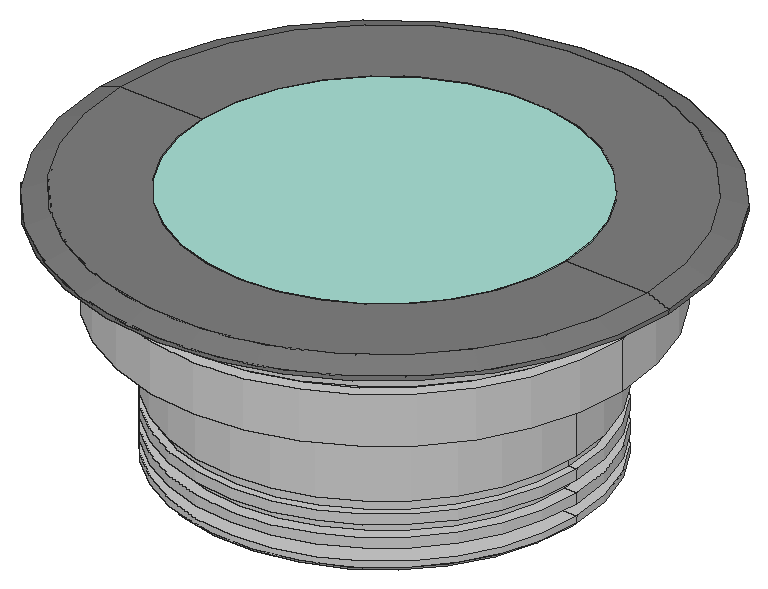
Revit family "Bright 5.F", category Lighting Fixtures, host Face, Revit 2017 (continued)
Types (16, lengths in mm): name | Wattage | Power | Photometric Web File | Optics | built-in parameter 1150142 | built-in parameter 1150105 | Lumens | built-in parameter 1150106 | Apparent Load Phase 1
    \n1.60 1.42 1.23 1.07 0.93 0.82 0.71 0.60 0.52 0.45 0.39 \r\n0.36 0.32 0.30 0.27 0.24 0.22 0.19 0.17 0.14 0.12 0.08 \r\n0.03 0.01 0.00 0.00 0.00 0.00 0.00 0.00 0.00 0.00 0.00 \r\n0.00 0.00 0.00 0.00 0.00 0.00 0.00 0.00 0.00 0.00 0.00 \r\n0.00 0.00 0.00 0.00 0.00 0.00 0.00 0.00 0.00 0.00 0.00 \r\n0.00 0.00 0.00 0.00 0.00 0.00 0.00 0.00 0.00 0.00 0.00 \r\n0.00 0.00 0.00 0.00 0.00 0.00 0.00 0.00 0.00 0.00 0.00 \r\n0.00 0.00 0.00 0.00 0.00 0.00 0.00 0.00 0.00 0.00 0.00 \r\n0.00 0.00 0.00 0.00 0.00 0.00 0.00 0.00 0.00 0.00 0.00 \r\n0.00 0.00 0.00 0.00 0.00 0.00 0.00 0.00 0.00 0.00 0.00 \r\n0.00 0.00 0.00 0.00 \r\n4679.93 4655.39 4549.50 4388.01 4178.50 3936.28 3657.28 \r\n3368.15 3080.53 2781.91 2503.69 2235.76 1975.11 1746.19 \r\n1538.76 1348.72 1172.57 1017.50 882.38 764.62 658.24 \r\n567.43 491.64 426.85 370.66 322.12 281.86 246.29 217.40 \r\n190.34 168.65 149.15 132.07 117.21 103.90 92.34 81.45 \r\n71.89 63.11 55.21 48.12 42.28 36.93 32.38 28.37 24.73 \r\n21.61 19.01 16.76 14.68 12.79 11.20 9.79 8.53 7.51 6.60 \r\n5.80 5.11 4.52 3.97 3.50 3.08 2.70 2.38 2.13 1.92 1.71 \r\n1.52 1.34 1.18 1.03 0.90 0.79 0.69 0.58 0.49 0.43 0.38 \r\n0.34 0.31 0.28 0.26 0.23 0.21 0.19 0.16 0.14 0.11 0.08 \r\n0.04 0.01 0.00 0.00 0.00 0.00 0.00 0.00 0.00 0.00 0.00 \r\n0.00 0.00 0.00 0.00 0.00 0.00 0.00 0.00 0.00 0.00 0.00 \r\n0.00 0.00 0.00 0.00 0.00 0.00 0.00 0.00 0.00 0.00 0.00 \r\n0.00 0.00 0.00 0.00 0.00 0.00 0.00 0.00 0.00 0.00 0.00 \r\n0.00 0.00 0.00 0.00 0.00 0.00 0.00 0.00 0.00 0.00 0.00 \r\n0.00 0.00 0.00 0.00 0.00 0.00 0.00 0.00 0.00 0.00 0.00 \r\n0.00 0.00 0.00 0.00 0.00 0.00 0.00 0.00 0.00 0.00 0.00 \r\n0.00 0.00 0.00 0.00 0.00 0.00 0.00 0.00 0.00 0.00 0.00 \r\n0.00 0.00 0.00 0.00 \r\n4679.93 4649.54 4527.57 4346.71 4105.69 3838.08 3523.87 \r\n3198.05 2883.73 2566.97 2266.98 1988.07 1719.63 1493.69 \r\n1298.89 1115.76 959.47 825.81 711.83 614.75 531.59 461.33 \r\n401.77 350.00 306.29 267.25 235.12 207.41 183.11 162.80 \r\n143.59 127.65 113.69 100.88 89.39 79.20 70.03 61.85 54.36 \r\n47.81 41.76 36.39 31.91 27.97 24.72 21.97 19.66 17.58 \r\n15.68 13.85 12.15 10.60 9.26 8.07 7.02 6.16 5.44 4.80 \r\n4.20 3.67 3.20 2.80 2.47 2.22 1.99 1.79 1.61 1.44 1.29 \r\n1.14 1.00 0.88 0.77 0.66 0.56 0.47 0.41 0.36 0.33 0.30 \r\n0.27 0.25 0.23 0.20 0.18 0.16 0.14 0.11 0.08 0.03 0.01 \r\n0.00 0.00 0.00 0.00 0.00 0.00 0.00 0.00 0.00 0.00 0.00 \r\n0.00 0.00 0.00 0.00 0.00 0.00 0.00 0.00 0.00 0.00 0.00 \r\n0.00 0.00 0.00 0.00 0.00 0.00 0.00 0.00 0.00 0.00 0.00 \r\n0.00 0.00 0.00 0.00 0.00 0.00 0.00 0.00 0.00 0.00 0.00 \r\n0.00 0.00 0.00 0.00 0.00 0.00 0.00 0.00 0.00 0.00 0.00 \r\n0.00 0.00 0.00 0.00 0.00 0.00 0.00 0.00 0.00 0.00 0.00 \r\n0.00 0.00 0.00 0.00 0.00 0.00 0.00 0.00 0.00 0.00 0.00 \r\n0.00 0.00 0.00 0.00 0.00 0.00 0.00 0.00 0.00 0.00 0.00 \r\n0.00 0.00 \r\n4679.93 4615.22 4513.12 4303.82 4039.32 3735.65 3403.38 \r\n3055.09 2702.43 2370.32 2055.87 1785.80 1521.40 1292.00 \r\n1105.85 945.17 813.02 695.15 597.47 518.06 448.22 389.39 \r\n342.36 298.70 263.41 231.04 203.65 179.92 159.00 141.04 \r\n125.30 111.15 98.84 87.82 78.02 69.51 61.67 54.59 48.01 \r\n42.02 36.54 31.97 27.96 24.83 22.25 20.13 18.21 16.49 \r\n14.85 13.27 11.77 10.32 9.01 7.77 6.76 5.91 5.16 4.48 \r\n3.88 3.35 2.93 2.60 2.33 2.10 1.89 1.69 1.52 1.37 1.24 \r\n1.11 0.98 0.87 0.76 0.64 0.54 0.45 0.39 0.35 0.32 0.29 \r\n0.26 0.24 0.22 0.20 0.18 0.15 0.13 0.11 0.08 0.04 0.01 \r\n0.00 0.00 0.00 0.00 0.00 0.00 0.00 0.00 0.00 0.00 0.00 \r\n0.00 0.00 0.00 0.00 0.00 0.00 0.00 0.00 0.00 0.00 0.00 \r\n0.00 0.00 0.00 0.00 0.00 0.00 0.00 0.00 0.00 0.00 0.00 \r\n0.00 0.00 0.00 0.00 0.00 0.00 0.00 0.00 0.00 0.00 0.00 \r\n0.00 0.00 0.00 0.00 0.00 0.00 0.00 0.00 0.00 0.00 0.00 \r\n0.00 0.00 0.00 0.00 0.00 0.00 0.00 0.00 0.00 0.00 0.00 \r\n0.00 0.00 0.00 0.00 0.00 0.00 0.00 0.00 0.00 0.00 0.00 \r\n0.00 0.00 0.00 0.00 0.00 0.00 0.00 0.00 0.00 0.00 0.00 \r\n0.00 0.00 \r\n4679.93 4603.44 4468.09 4271.71 3987.97 3652.93 3291.70 \r\n2929.90 2565.74 2215.12 1891.83 1610.61 1354.53 1146.44 \r\n973.50 822.85 704.30 602.87 520.61 450.56 392.05 343.90 \r\n301.87 264.86 232.48 204.14 180.26 159.63 141.48 125.21 \r\n111.15 98.99 87.71 78.36 69.63 62.22 55.33 48.99 43.09 \r\n37.68 32.84 28.67 25.25 22.66 20.59 18.79 17.18 15.64 \r\n14.17 12.80 11.48 10.18 8.94 7.75 6.70 5.73 4.89 4.17 \r\n3.59 3.14 2.79 2.49 2.23 2.00 1.80 1.62 1.47 1.32 1.19 \r\n1.07 0.96 0.86 0.74 0.63 0.52 0.44 0.38 0.34 0.31 0.28 \r\n0.26 0.23 0.21 0.19 0.17 0.15 0.13 0.11 0.08 0.03 0.01 \r\n0.00 0.00 0.00 0.00 0.00 0.00 0.00 0.00 0.00 0.00 0.00 \r\n0.00 0.00 0.00 0.00 0.00 0.00 0.00 0.00 0.00 0.00 0.00 \r\n0.00 0.00 0.00 0.00 0.00 0.00 0.00 0.00 0.00 0.00 0.00 \r\n0.00 0.00 0.00 0.00 0.00 0.00 0.00 0.00 0.00 0.00 0.00 \r\n0.00 0.00 0.00 0.00 0.00 0.00 0.00 0.00 0.00 0.00 0.00 \r\n0.00 0.00 0.00 0.00 0.00 0.00 0.00 0.00 0.00 0.00 0.00 \r\n0.00 0.00 0.00 0.00 0.00 0.00 0.00 0.00 0.00 0.00 0.00 \r\n0.00 0.00 0.00 0.00 0.00 0.00 0.00 0.00 0.00 0.00 0.00 \r\n0.00 0.00 \r\n4679.93 4612.96 4414.98 4167.98 3860.13 3510.92 3132.28 \r\n2752.81 2393.35 2044.18 1732.63 1466.52 1225.21 1024.93 \r\n866.61 735.28 626.91 537.27 464.19 403.25 352.66 308.40 \r\n271.21 238.10 209.74 183.98 161.58 142.92 126.68 112.05 \r\n99.77 88.97 79.22 70.66 62.98 56.37 50.36 44.52 39.17 \r\n34.27 29.96 26.31 23.39 21.29 19.45 17.79 16.29 14.91 \r\n13.57 12.37 11.14 9.98 8.81 7.67 6.54 5.46 4.61 3.93 3.43 \r\n3.04 2.70 2.41 2.16 1.94 1.75 1.58 1.43 1.29 1.16 1.05 \r\n0.96 0.85 0.72 0.61 0.51 0.43 0.37 0.33 0.30 0.27 0.25 \r\n0.23 0.21 0.19 0.17 0.15 0.13 0.10 0.07 0.03 0.01 0.00 \r\n0.00 0.00 0.00 0.00 0.00 0.00 0.00 0.00 0.00 0.00 0.00 \r\n0.00 0.00 0.00 0.00 0.00 0.00 0.00 0.00 0.00 0.00 0.00 \r\n0.00 0.00 0.00 0.00 0.00 0.00 0.00 0.00 0.00 0.00 0.00 \r\n0.00 0.00 0.00 0.00 0.00 0.00 0.00 0.00 0.00 0.00 0.00 \r\n0.00 0.00 0.00 0.00 0.00 0.00 0.00 0.00 0.00 0.00 0.00 \r\n0.00 0.00 0.00 0.00 0.00 0.00 0.00 0.00 0.00 0.00 0.00 \r\n0.00 0.00 0.00 0.00 0.00 0.00 0.00 0.00 0.00 0.00 0.00 \r\n0.00 0.00 0.00 0.00 0.00 0.00 0.00 0.00 0.00 0.00 0.00 \r\n0.00 \r\n4679.93 4596.21 4437.11 4166.63 3811.28 3429.05 3033.84 \r\n2618.55 2238.60 1877.28 1573.75 1316.87 1084.91 904.01 \r\n761.41 645.68 554.57 476.78 412.32 360.19 313.83 274.26 \r\n241.39 211.42 185.93 163.50 143.48 127.13 112.41 99.50 \r\n88.57 79.17 70.60 63.05 56.58 50.65 45.14 40.13 35.25 \r\n30.97 27.41 24.25 21.84 19.93 18.32 16.83 15.42 14.15 \r\n12.88 11.62 10.45 9.21 7.99 6.91 5.97 5.17 4.46 3.84 3.35 \r\n2.93 2.59 2.32 2.08 1.88 1.70 1.53 1.39 1.25 1.13 1.02 \r\n0.91 0.80 0.68 0.57 0.47 0.40 0.35 0.32 0.29 0.26 0.24 \r\n0.22 0.20 0.18 0.16 0.14 0.12 0.10 0.06 0.02 0.01 0.00 \r\n0.00 0.00 0.00 0.00 0.00 0.00 0.00 0.00 0.00 0.00 0.00 \r\n0.00 0.00 0.00 0.00 0.00 0.00 0.00 0.00 0.00 0.00 0.00 \r\n0.00 0.00 0.00 0.00 0.00 0.00 0.00 0.00 0.00 0.00 0.00 \r\n0.00 0.00 0.00 0.00 0.00 0.00 0.00 0.00 0.00 0.00 0.00 \r\n0.00 0.00 0.00 0.00 0.00 0.00 0.00 0.00 0.00 0.00 0.00 \r\n0.00 0.00 0.00 0.00 0.00 0.00 0.00 0.00 0.00 0.00 0.00 \r\n0.00 0.00 0.00 0.00 0.00 0.00 0.00 0.00 0.00 0.00 0.00 \r\n0.00 0.00 0.00 0.00 0.00 0.00 0.00 0.00 0.00 0.00 0.00 \r\n0.00 \r\n4679.93 4594.67 4394.47 4132.98 3775.99 3385.01 2982.79 \r\n2601.19 2206.29 1844.73 1537.55 1275.99 1053.30 872.78 \r\n738.22 623.89 535.33 459.67 399.69 347.45 302.36 264.40 \r\n232.64 203.32 178.02 156.37 137.93 122.04 107.35 95.47 \r\n84.86 75.73 67.67 60.64 54.37 49.07 43.80 38.83 34.28 \r\n30.33 26.95 24.03 21.63 19.70 18.06 16.58 15.26 13.92 \r\n12.65 11.36 10.02 8.71 7.64 6.66 5.86 5.18 4.56 4.01 3.48 \r\n3.01 2.63 2.35 2.11 1.90 1.72 1.56 1.41 1.27 1.15 1.04 \r\n0.92 0.81 0.70 0.58 0.48 0.40 0.35 0.32 0.29 0.26 0.24 \r\n0.22 0.20 0.18 0.16 0.14 0.12 0.10 0.07 0.04 0.01 0.00 \r\n0.00 0.00 0.00 0.00 0.00 0.00 0.00 0.00 0.00 0.00 0.00 \r\n0.00 0.00 0.00 0.00 0.00 0.00 0.00 0.00 0.00 0.00 0.00 \r\n0.00 0.00 0.00 0.00 0.00 0.00 0.00 0.00 0.00 0.00 0.00 \r\n0.00 0.00 0.00 0.00 0.00 0.00 0.00 0.00 0.00 0.00 0.00 \r\n0.00 0.00 0.00 0.00 0.00 0.00 0.00 0.00 0.00 0.00 0.00 \r\n0.00 0.00 0.00 0.00 0.00 0.00 0.00 0.00 0.00 0.00 0.00 \r\n0.00 0.00 0.00 0.00 0.00 0.00 0.00 0.00 0.00 0.00 0.00 \r\n0.00 0.00 0.00 0.00 0.00 0.00 0.00 0.00 0.00 0.00 0.00 \r\n0.00 \r\n4679.93 4606.64 4420.25 4134.34 3780.17 3370.53 2944.97 \r\n2540.94 2148.63 1787.98 1480.48 1216.59 1010.36 836.16 \r\n701.64 599.21 509.14 440.10 380.14 331.76 289.95 252.05 \r\n220.23 192.96 169.57 148.77 130.89 115.22 102.07 90.48 \r\n80.53 71.85 64.17 57.72 52.00 46.68 41.75 37.11 33.06 \r\n29.60 26.34 23.66 21.41 19.44 17.71 16.23 14.78 13.39 \r\n11.98 10.56 9.30 8.22 7.28 6.45 5.74 5.09 4.51 3.98 3.51 \r\n3.07 2.71 2.39 2.12 1.90 1.73 1.57 1.42 1.29 1.16 1.02 \r\n0.90 0.79 0.68 0.57 0.47 0.40 0.34 0.31 0.28 0.26 0.24 \r\n0.22 0.20 0.18 0.16 0.14 0.12 0.10 0.07 0.03 0.01 0.00 \r\n0.00 0.00 0.00 0.00 0.00 0.00 0.00 0.00 0.00 0.00 0.00 \r\n0.00 0.00 0.00 0.00 0.00 0.00 0.00 0.00 0.00 0.00 0.00 \r\n0.00 0.00 0.00 0.00 0.00 0.00 0.00 0.00 0.00 0.00 0.00 \r\n0.00 0.00 0.00 0.00 0.00 0.00 0.00 0.00 0.00 0.00 0.00 \r\n0.00 0.00 0.00 0.00 0.00 0.00 0.00 0.00 0.00 0.00 0.00 \r\n0.00 0.00 0.00 0.00 0.00 0.00 0.00 0.00 0.00 0.00 0.00 \r\n0.00 0.00 0.00 0.00 0.00 0.00 0.00 0.00 0.00 0.00 0.00 \r\n0.00 0.00 0.00 0.00 0.00 0.00 0.00 0.00 0.00 0.00 0.00 \r\n0.00 \r\n4679.93 4589.65 4421.46 4123.53 3755.76 3349.53 2913.85 \r\n2493.96 2091.66 1734.05 1431.53 1178.52 969.72 803.64 \r\n678.42 575.52 493.35 424.56 368.08 321.21 279.18 243.70 \r\n213.12 185.67 162.79 143.27 125.67 110.86 98.38 87.33 \r\n77.72 69.40 62.37 56.06 50.30 45.20 40.34 36.00 32.42 \r\n29.15 26.30 23.81 21.54 19.52 17.58 15.79 14.17 12.64 \r\n11.25 10.03 8.89 7.97 7.16 6.37 5.69 5.06 4.47 3.96 3.51 \r\n3.13 2.78 2.46 2.18 1.94 1.75 1.60 1.44 1.29 1.15 1.00 \r\n0.88 0.78 0.67 0.56 0.47 0.39 0.34 0.31 0.28 0.25 0.23 \r\n0.21 0.20 0.18 0.16 0.14 0.12 0.10 0.07 0.04 0.01 0.00 \r\n0.00 0.00 0.00 0.00 0.00 0.00 0.00 0.00 0.00 0.00 0.00 \r\n0.00 0.00 0.00 0.00 0.00 0.00 0.00 0.00 0.00 0.00 0.00 \r\n0.00 0.00 0.00 0.00 0.00 0.00 0.00 0.00 0.00 0.00 0.00 \r\n0.00 0.00 0.00 0.00 0.00 0.00 0.00 0.00 0.00 0.00 0.00 \r\n0.00 0.00 0.00 0.00 0.00 0.00 0.00 0.00 0.00 0.00 0.00 \r\n0.00 0.00 0.00 0.00 0.00 0.00 0.00 0.00 0.00 0.00 0.00 \r\n0.00 0.00 0.00 0.00 0.00 0.00 0.00 0.00 0.00 0.00 0.00 \r\n0.00 0.00 0.00 0.00 0.00 0.00 0.00 0.00 0.00 0.00 0.00 \r\n0.00 \r\n4679.93 4584.74 4399.64 4104.60 3735.99 3320.79 2886.98 \r\n2465.67 2063.49 1711.66 1407.99 1160.64 954.67 786.52 \r\n663.94 561.81 481.76 416.22 360.64 313.53 273.19 237.62 \r\n208.16 181.84 159.12 140.05 123.29 108.45 95.61 85.45 \r\n76.15 67.92 60.95 54.77 49.34 44.50 39.82 35.59 32.00 \r\n29.00 26.46 23.96 21.69 19.47 17.29 15.33 13.54 12.00 \r\n10.72 9.61 8.67 7.86 7.07 6.34 5.66 5.04 4.48 3.96 3.53 \r\n3.16 2.82 2.53 2.24 1.98 1.78 1.61 1.43 1.27 1.13 1.00 \r\n0.88 0.77 0.66 0.55 0.46 0.39 0.34 0.30 0.28 0.25 0.23 \r\n0.21 0.19 0.17 0.16 0.14 0.12 0.10 0.07 0.03 0.01 0.00 \r\n0.00 0.00 0.00 0.00 0.00 0.00 0.00 0.00 0.00 0.00 0.00 \r\n0.00 0.00 0.00 0.00 0.00 0.00 0.00 0.00 0.00 0.00 0.00 \r\n0.00 0.00 0.00 0.00 0.00 0.00 0.00 0.00 0.00 0.00 0.00 \r\n0.00 0.00 0.00 0.00 0.00 0.00 0.00 0.00 0.00 0.00 0.00 \r\n0.00 0.00 0.00 0.00 0.00 0.00 0.00 0.00 0.00 0.00 0.00 \r\n0.00 0.00 0.00 0.00 0.00 0.00 0.00 0.00 0.00 0.00 0.00 \r\n0.00 0.00 0.00 0.00 0.00 0.00 0.00 0.00 0.00 0.00 0.00 \r\n0.00 0.00 0.00 0.00 0.00 0.00 0.00 0.00 0.00 0.00 0.00 \r\n0.00 \r\n4679.93 4596.82 4415.17 4109.70 3733.12 3333.77 2879.85 \r\n2450.55 2059.37 1692.81 1388.10 1159.16 947.58 782.65 \r\n661.21 556.71 479.98 414.24 359.04 313.35 271.42 236.21 \r\n206.43 180.47 159.22 139.04 122.10 107.42 94.99 84.68 \r\n75.64 67.63 60.89 54.79 49.10 44.18 39.60 35.44 32.03 \r\n29.02 26.57 24.21 21.81 19.57 17.28 15.21 13.38 11.77 \r\n10.57 9.57 8.68 7.86 7.05 6.31 5.66 5.07 4.50 3.99 3.55 \r\n3.18 2.84 2.54 2.30 2.07 1.82 1.58 1.41 1.26 1.13 1.01 \r\n0.88 0.76 0.66 0.56 0.46 0.39 0.34 0.30 0.28 0.25 0.23 \r\n0.21 0.19 0.18 0.16 0.14 0.12 0.10 0.07 0.03 0.01 0.00 \r\n0.00 0.00 0.00 0.00 0.00 0.00 0.00 0.00 0.00 0.00 0.00 \r\n0.00 0.00 0.00 0.00 0.00 0.00 0.00 0.00 0.00 0.00 0.00 \r\n0.00 0.00 0.00 0.00 0.00 0.00 0.00 0.00 0.00 0.00 0.00 \r\n0.00 0.00 0.00 0.00 0.00 0.00 0.00 0.00 0.00 0.00 0.00 \r\n0.00 0.00 0.00 0.00 0.00 0.00 0.00 0.00 0.00 0.00 0.00 \r\n0.00 0.00 0.00 0.00 0.00 0.00 0.00 0.00 0.00 0.00 0.00 \r\n0.00 0.00 0.00 0.00 0.00 0.00 0.00 0.00 0.00 0.00 0.00 \r\n0.00 0.00 0.00 0.00 0.00 0.00 0.00 0.00 0.00 0.00 0.00 \r\n0.00 \r\n4679.93 4584.74 4399.64 4104.60 3735.99 3320.79 2886.98 \r\n2465.67 2063.49 1711.66 1407.99 1160.64 954.67 786.52 \r\n663.94 561.81 481.76 416.22 360.64 313.53 273.19 237.62 \r\n208.16 181.84 159.12 140.05 123.29 108.45 95.61 85.45 \r\n76.15 67.92 60.95 54.77 49.34 44.50 39.82 35.59 32.00 \r\n29.00 26.46 23.96 21.69 19.47 17.29 15.33 13.54 12.00 \r\n10.72 9.61 8.67 7.86 7.07 6.34 5.66 5.04 4.48 3.96 3.53 \r\n3.16 2.82 2.53 2.24 1.98 1.78 1.61 1.43 1.27 1.13 1.00 \r\n0.88 0.77 0.66 0.55 0.46 0.39 0.34 0.30 0.28 0.25 0.23 \r\n0.21 0.19 0.17 0.16 0.14 0.12 0.10 0.07 0.03 0.01 0.00 \r\n0.00 0.00 0.00 0.00 0.00 0.00 0.00 0.00 0.00 0.00 0.00 \r\n0.00 0.00 0.00 0.00 0.00 0.00 0.00 0.00 0.00 0.00 0.00 \r\n0.00 0.00 0.00 0.00 0.00 0.00 0.00 0.00 0.00 0.00 0.00 \r\n0.00 0.00 0.00 0.00 0.00 0.00 0.00 0.00 0.00 0.00 0.00 \r\n0.00 0.00 0.00 0.00 0.00 0.00 0.00 0.00 0.00 0.00 0.00 \r\n0.00 0.00 0.00 0.00 0.00 0.00 0.00 0.00 0.00 0.00 0.00 \r\n0.00 0.00 0.00 0.00 0.00 0.00 0.00 0.00 0.00 0.00 0.00 \r\n0.00 0.00 0.00 0.00 0.00 0.00 0.00 0.00 0.00 0.00 0.00 \r\n0.00 \r\n4679.93 4589.65 4421.46 4123.53 3755.76 3349.53 2913.85 \r\n2493.96 2091.66 1734.05 1431.53 1178.52 969.72 803.64 \r\n678.42 575.52 493.35 424.56 368.08 321.21 279.18 243.70 \r\n213.12 185.67 162.79 143.27 125.67 110.86 98.38 87.33 \r\n77.72 69.40 62.37 56.06 50.30 45.20 40.34 36.00 32.42 \r\n29.15 26.30 23.81 21.54 19.52 17.58 15.79 14.17 12.64 \r\n11.25 10.03 8.89 7.97 7.16 6.37 5.69 5.06 4.47 3.96 3.51 \r\n3.13 2.78 2.46 2.18 1.94 1.75 1.60 1.44 1.29 1.15 1.00 \r\n0.88 0.78 0.67 0.56 0.47 0.39 0.34 0.31 0.28 0.25 0.23 \r\n0.21 0.20 0.18 0.16 0.14 0.12 0.10 0.07 0.04 0.01 0.00 \r\n0.00 0.00 0.00 0.00 0.00 0.00 0.00 0.00 0.00 0.00 0.00 \r\n0.00 0.00 0.00 0.00 0.00 0.00 0.00 0.00 0.00 0.00 0.00 \r\n0.00 0.00 0.00 0.00 0.00 0.00 0.00 0.00 0.00 0.00 0.00 \r\n0.00 0.00 0.00 0.00 0.00 0.00 0.00 0.00 0.00 0.00 0.00 \r\n0.00 0.00 0.00 0.00 0.00 0.00 0.00 0.00 0.00 0.00 0.00 \r\n0.00 0.00 0.00 0.00 0.00 0.00 0.00 0.00 0.00 0.00 0.00 \r\n0.00 0.00 0.00 0.00 0.00 0.00 0.00 0.00 0.00 0.00 0.00 \r\n0.00 0.00 0.00 0.00 0.00 0.00 0.00 0.00 0.00 0.00 0.00 \r\n0.00 \r\n4679.93 4606.64 4420.25 4134.34 3780.17 3370.53 2944.97 \r\n2540.94 2148.63 1787.98 1480.48 1216.59 1010.36 836.16 \r\n701.64 599.21 509.14 440.10 380.14 331.76 289.95 252.05 \r\n220.23 192.96 169.57 148.77 130.89 115.22 102.07 90.48 \r\n80.53 71.85 64.17 57.72 52.00 46.68 41.75 37.11 33.06 \r\n29.60 26.34 23.66 21.41 19.44 17.71 16.23 14.78 13.39 \r\n11.98 10.56 9.30 8.22 7.28 6.45 5.74 5.09 4.51 3.98 3.51 \r\n3.07 2.71 2.39 2.12 1.90 1.73 1.57 1.42 1.29 1.16 1.02 \r\n0.90 0.79 0.68 0.57 0.47 0.40 0.34 0.31 0.28 0.26 0.24 \r\n0.22 0.20 0.18 0.16 0.14 0.12 0.10 0.07 0.03 0.01 0.00 \r\n0.00 0.00 0.00 0.00 0.00 0.00 0.00 0.00 0.00 0.00 0.00 \r\n0.00 0.00 0.00 0.00 0.00 0.00 0.00 0.00 0.00 0.00 0.00 \r\n0.00 0.00 0.00 0.00 0.00 0.00 0.00 0.00 0.00 0.00 0.00 \r\n0.00 0.00 0.00 0.00 0.00 0.00 0.00 0.00 0.00 0.00 0.00 \r\n0.00 0.00 0.00 0.00 0.00 0.00 0.00 0.00 0.00 0.00 0.00 \r\n0.00 0.00 0.00 0.00 0.00 0.00 0.00 0.00 0.00 0.00 0.00 \r\n0.00 0.00 0.00 0.00 0.00 0.00 0.00 0.00 0.00 0.00 0.00 \r\n0.00 0.00 0.00 0.00 0.00 0.00 0.00 0.00 0.00 0.00 0.00 \r\n0.00 \r\n4679.93 4594.67 4394.47 4132.98 3775.99 3385.01 2982.79 \r\n2601.19 2206.29 1844.73 1537.55 1275.99 1053.30 872.78 \r\n738.22 623.89 535.33 459.67 399.69 347.45 302.36 264.40 \r\n232.64 203.32 178.02 156.37 137.93 122.04 107.35 95.47 \r\n84.86 75.73 67.67 60.64 54.37 49.07 43.80 38.83 34.28 \r\n30.33 26.95 24.03 21.63 19.70 18.06 16.58 15.26 13.92 \r\n12.65 11.36 10.02 8.71 7.64 6.66 5.86 5.18 4.56 4.01 3.48 \r\n3.01 2.63 2.35 2.11 1.90 1.72 1.56 1.41 1.27 1.15 1.04 \r\n0.92 0.81 0.70 0.58 0.48 0.40 0.35 0.32 0.29 0.26 0.24 \r\n0.22 0.20 0.18 0.16 0.14 0.12 0.10 0.07 0.04 0.01 0.00 \r\n0.00 0.00 0.00 0.00 0.00 0.00 0.00 0.00 0.00 0.00 0.00 \r\n0.00 0.00 0.00 0.00 0.00 0.00 0.00 0.00 0.00 0.00 0.00 \r\n0.00 0.00 0.00 0.00 0.00 0.00 0.00 0.00 0.00 0.00 0.00 \r\n0.00 0.00 0.00 0.00 0.00 0.00 0.00 0.00 0.00 0.00 0.00 \r\n0.00 0.00 0.00 0.00 0.00 0.00 0.00 0.00 0.00 0.00 0.00 \r\n0.00 0.00 0.00 0.00 0.00 0.00 0.
